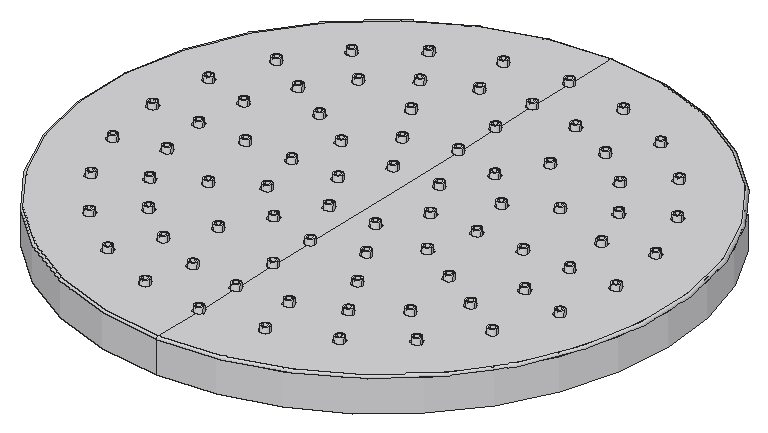
Revit family "Shower-Showerhead-KOHLER-Contemporary-K-99945T", category Plumbing Fixtures, host Face, Revit 2021
Family settings
  Host = Face
  Round Connector Dimension = Use Diameter
  Part Type = Normal
  OmniClass Number = 23.31.17.00
  OmniClass Title = Showers
  Cut with Voids When Loaded = No
  Shared = No
  Room Calculation Point = No
Parameters (values of type "Without Katalyst Air Induction Technology , CP-Polished Chrome")
  Width = 7 127/128"  # constant formula
  WaterSense Certified = 1 = 0  # no
  Waste Water Outlet = "Waste Water Outlet"  # constant formula
  Waste Connection = 1 = 0  # no
  Vent Connection = 1 = 0  # no
  URL = "http://www.kohler.com.cn/"
  Type = 1
  Tempered Water Inlet = "Tempered Water Inlet"  # constant formula
  Product Page URL = ""
  Product Name = "Contemporary"  # constant formula
  Product Documentation Link = "https://files.kohler.com.cn/pdfs/ri-99945T.pdf"
  Pressure = 0.00 psi
  Model = if(Type = 1, "K-99945T-CL-CP", if(Type = 2, "K-99945T-E-CP ", if(Type = 3, "K-99945T-CL-BL ", if(Type = 4, "K-99945T-CL-LBN ", "NA"))))  # "K-99945T-CL-CP"
  Material = "Brass Construction"  # constant formula
  Master Format 2014 Name = "Residential Showers"  # constant formula
  Master Format 2014 = "22 42 23"  # constant formula
  Manufacturer Address = "Kohler Beijing Office (100016) 36-2-03-B, No. 88, Liuxiang Road, Beijing"  # constant formula
  Manufacturer = "Kohler Co."  # constant formula
  Length = 7 127/128"  # constant formula
  Hot Water Inlet = "Hot Water Inlet"  # constant formula
  Height = 2 113/256"  # constant formula
  HW Connection = 1 = 1  # yes
  Flow Rate = 0 GPM
  Finish = Kohler-Metal-CP-Polished_Chrome
  Environmental Product Declaration = ""
  Drain Included = 1 = 0  # no
  Description = "8inch Round Rain Overhead - Plastic Modern"  # constant formula
  Default Elevation = 0"
  Declare Label = ""
  Date Modified = "01/10/2025"  # constant formula
  Date Created = "11/06/2020"  # constant formula
  Copyright = "Copyright Kohler Co."  # constant formula
  Contact Us = "http://www.kohler.com.cn/contact/contact-us/"
  Cold Water Inlet = "Cold Water Inlet"  # constant formula
  CW Connection = 1 = 0  # no
  Assembly Code = "D2010700"
  ADA Compliant = 1 = 0  # no
Reference planes (in)
  plane 1 "Center (Front/Back)": y = 0
  plane 2: z = 0
  plane 3 "Center (Left/Right)": x = 0
  plane 4: x = -3.99606
  plane 5: x = 3.99612
  plane 6: x = -0.47184
  plane 7: x = 0.47184
  plane 8: y = 3.99606
  plane 9: y = -3.99612
  plane 10: y = 0.47184
  plane 11: y = -0.47184
  plane 12: z = 2.44141
  plane 13: z = 2.37031
  plane 14: z = 1.88976
Dimensions and locks (in)
  "Width": plane 4 to plane 5
  "Length": plane 9 to plane 8
  "Height": plane 12 to level
  aligned and locked: plane 2 to host face
  aligned and locked: level to host face
  aligned and locked: plane 3 "Center (Left/Right)" to nested 1
  aligned and locked: plane 1 "Center (Front/Back)" to nested 1
  aligned and locked: level to nested 1
Automatic sketch dimensions
  host sketch curve to host sketch curve = 96"  (x2)
Nested families (in)
  nested 1: "K-99945T" at (0, 0, -0.15748), type "K-99945T"
Connectors (in)
  piping at (0, 0, 0), diameter 0.5, driven by "Flow Rate", driven by "HW Connection", driven by "Tempered Water Inlet"
    settings: on nested 1, index 1, connector inside diameter 24", connector length 0", flow factor 0, pipe flow 0 GPM, pressure drop 0.00 psi, fitting loss kfactor 0, connector angle 0.00°, fixture units 0, engagement length 0", angle of deflection 0.00°, flow configuration 0, flow direction 1, fitting loss method 0, system type 19, joint type 0, gender type 0, connector reference index -1, connector utility 1, adjustable connector no, is connector primary yes, connector description "Tempered Water Inlet"
Definition of nested family "K-99945T"
  Parameters (values of type "K-99945T")
    Material = none
    Default Elevation = 0"
  Reference planes (in)
    plane 1 "Center (Front/Back)": y = 0
    plane 2: z = 0
    plane 3 "Center (Left/Right)": x = 0
    plane 4: y = -3.99606
    plane 5: z = 2.59843
    plane 6: y = 3.99606
    plane 7: z = 2.52779
    plane 8: z = 2.04724
    plane 9: x = 3.99606
    plane 10: x = -3.99606
    plane 11: through (0, 0, 48) normal (-0.866, 0.5, 0)
    plane 12: z = 0.15748
    plane 13: y = 0.47184
    plane 14: y = -0.47184
    plane 15: x = 0.47184
    plane 16: x = -0.47184
  Forms (in)
    Revolve 1, solid, material <- "Material", detail levels medium+fine
      sketch origin (0, 0, 0) x (0, 1, 0) y (0, 0, 1)
        loop
          line (0.74853, 2.07109) -> (3.93783, 2.07109) -> (3.9604, 2.04853) -> (3.99606, 2.04853) -> (3.99606, 2.49681)
          arc (3.99606, 2.49681) -> (3.98699, 2.51871) -> (3.96509, 2.52779) r 0.03098
          line (3.96509, 2.52779) -> (0, 2.52779) -> (0, 0.15748) -> (0.47184, 0.15748) -> (0.47184, 0.93959)
          arc (0.47184, 0.93959) -> (0.46713, 0.955) -> (0.45461, 0.96514) r 0.02756
          line (0.45461, 0.96514) -> (0.37206, 0.99849)
          arc (0.37206, 0.99849) -> (0.35954, 1.00863) -> (0.35483, 1.02404) r 0.02756
          line (0.35483, 1.02404) -> (0.35483, 1.13407)
          arc (0.35483, 1.13407) -> (0.35783, 1.1499) -> (0.3664, 1.16354) r 0.04331
          arc (0.3664, 1.16354) -> (0.40404, 1.21029) -> (0.43472, 1.26188) r 0.42493
          line (0.43472, 1.26188) -> (0.47374, 1.26188) -> (0.5184, 1.26976) -> (0.65612, 1.26976)
          arc (0.65612, 1.26976) -> (0.68166, 1.27916) -> (0.695, 1.30288) r 0.03937
          arc (0.695, 1.30288) -> (0.73903, 1.68578) -> (0.74853, 2.07109) r 4.29216
        axis (0, 2.52779) -> (0, 0.15748)
      angle from 0 to 360
    Extrusion 2, void
      sketch origin (0, 0, 0) x (1, 0, 0) y (0, 1, 0)
        loop
          circle (0, 1.29826) r 0.07424
        loop
          circle (0, 1.95079) r 0.07424
        loop
          circle (-0.00142, 2.60042) r 0.07544
        loop
          circle (-0.00142, 3.24982) r 0.07544
        loop
          circle (0, -1.29826) r 0.07424
        loop
          circle (0, -1.95079) r 0.07424
        loop
          circle (-0.00142, -2.60042) r 0.07544
        loop
          circle (-0.00142, -3.24982) r 0.07544
        loop
          circle (1.12494, 0.64948) r 0.07559
        loop
          circle (1.68943, 0.97539) r 0.07559
        loop
          circle (2.25137, 1.29983) r 0.07561
        loop
          circle (2.81494, 1.62521) r 0.07559
        loop
          circle (-1.12494, 0.64948) r 0.07559
        loop
          circle (-1.68943, 0.97539) r 0.07559
        loop
          circle (-2.25137, 1.29983) r 0.07561
        loop
          circle (-2.81494, 1.62521) r 0.07559
        loop
          circle (-1.12494, -0.64948) r 0.07559
        loop
          circle (-1.68943, -0.97539) r 0.07559
        loop
          circle (-2.25137, -1.29983) r 0.07561
        loop
          circle (-2.81494, -1.62521) r 0.07559
        loop
          circle (1.12494, -0.64948) r 0.07559
        loop
          circle (1.68943, -0.97539) r 0.07559
        loop
          circle (2.25137, -1.29983) r 0.07561
        loop
          circle (2.81494, -1.62521) r 0.07559
        loop
          circle (-0.67348, 2.51348) r 0.07559
        loop
          circle (-0.84146, 3.14036) r 0.07559
        loop
          circle (0.67348, 2.51348) r 0.07559
        loop
          circle (0.84146, 3.14036) r 0.07559
        loop
          circle (0.67348, -2.51348) r 0.07559
        loop
          circle (0.84146, -3.14036) r 0.07559
        loop
          circle (-0.67348, -2.51348) r 0.07559
        loop
          circle (-0.84146, -3.14036) r 0.07559
        loop
          circle (-3.13885, 0.84105) r 0.07559
        loop
          circle (-2.51136, 0.67292) r 0.07524
        loop
          circle (3.13885, 0.84105) r 0.07559
        loop
          circle (2.51136, 0.67292) r 0.07524
        loop
          circle (3.13885, -0.84105) r 0.07559
        loop
          circle (2.51136, -0.67292) r 0.07524
        loop
          circle (-3.13885, -0.84105) r 0.07559
        loop
          circle (-2.51136, -0.67292) r 0.07524
        loop
          circle (-2.29764, 2.30001) r 0.07559
        loop
          circle (-1.83814, 1.83994) r 0.07559
        loop
          circle (2.29764, 2.30001) r 0.07559
        loop
          circle (1.83814, 1.83994) r 0.07559
        loop
          circle (2.29764, -2.30001) r 0.07559
        loop
          circle (1.83814, -1.83994) r 0.07559
        loop
          circle (-2.29764, -2.30001) r 0.07559
        loop
          circle (-1.83814, -1.83994) r 0.07559
        loop
          circle (1.62667, -2.81748) r 0.07447
        loop
          circle (1.30103, -2.25346) r 0.07447
        loop
          circle (0.97539, -1.68943) r 0.07447
        loop
          circle (0.64975, -1.12541) r 0.07447
        loop
          circle (0.32606, -0.56213) r 0.07559
        loop
          circle (-1.62667, -2.81748) r 0.07447
        loop
          circle (-1.30103, -2.25346) r 0.07447
        loop
          circle (-0.97539, -1.68943) r 0.07447
        loop
          circle (-0.64975, -1.12541) r 0.07447
        loop
          circle (-0.32606, -0.56213) r 0.07559
        loop
          circle (-1.62667, 2.81748) r 0.07447
        loop
          circle (-1.30103, 2.25346) r 0.07447
        loop
          circle (-0.97539, 1.68943) r 0.07447
        loop
          circle (-0.64975, 1.12541) r 0.07447
        loop
          circle (-0.32606, 0.56213) r 0.07559
        loop
          circle (1.62667, 2.81748) r 0.07447
        loop
          circle (1.30103, 2.25346) r 0.07447
        loop
          circle (0.97539, 1.68943) r 0.07447
        loop
          circle (0.64975, 1.12541) r 0.07447
        loop
          circle (0.32606, 0.56213) r 0.07559
        loop
          circle (0.64823, 0) r 0.07559
        loop
          circle (1.29951, 0) r 0.07559
        loop
          circle (1.9491, 0) r 0.07559
        loop
          circle (2.60193, 0) r 0.07559
        loop
          circle (3.25193, 0) r 0.07559
        loop
          circle (-0.64823, 0) r 0.07559
        loop
          circle (-1.29951, 0) r 0.07559
        loop
          circle (-1.9491, 0) r 0.07559
        loop
          circle (-2.60193, 0) r 0.07559
        loop
          circle (-3.25193, 0) r 0.07559
      from 2.23033 to 4.27742
    Extrusion 3, solid, detail levels medium+fine
      sketch origin (0, 0, 0) x (1, 0, 0) y (0, 1, 0)
        loop
          circle (0.64975, 1.12541) r 0.05906
        loop
          circle (0.64975, 1.12541) r 0.03937
        loop
          circle (0.32606, 0.56213) r 0.05906
        loop
          circle (0.32606, 0.56213) r 0.03937
        loop
          circle (1.62667, 2.81748) r 0.05906
        loop
          circle (1.62667, 2.81748) r 0.03937
        loop
          circle (1.30103, 2.25346) r 0.05906
        loop
          circle (1.30103, 2.25346) r 0.03937
        loop
          circle (0.97539, 1.68943) r 0.03937
        loop
          circle (0.97539, 1.68943) r 0.05906
        loop
          circle (-0.64975, 1.12541) r 0.05906
        loop
          circle (-0.64975, 1.12541) r 0.03937
        loop
          circle (-0.32606, 0.56213) r 0.05906
        loop
          circle (-0.32606, 0.56213) r 0.03937
        loop
          circle (-1.62667, 2.81748) r 0.05906
        loop
          circle (-1.62667, 2.81748) r 0.03937
        loop
          circle (-1.30103, 2.25346) r 0.05906
        loop
          circle (-1.30103, 2.25346) r 0.03937
        loop
          circle (-0.97539, 1.68943) r 0.03937
        loop
          circle (-0.97539, 1.68943) r 0.05906
        loop
          circle (-0.64975, -1.12541) r 0.05906
        loop
          circle (-0.64975, -1.12541) r 0.03937
        loop
          circle (-0.32606, -0.56213) r 0.05906
        loop
          circle (-0.32606, -0.56213) r 0.03937
        loop
          circle (-1.62667, -2.81748) r 0.05906
        loop
          circle (-1.62667, -2.81748) r 0.03937
        loop
          circle (-1.30103, -2.25346) r 0.05906
        loop
          circle (-1.30103, -2.25346) r 0.03937
        loop
          circle (-0.97539, -1.68943) r 0.03937
        loop
          circle (-0.97539, -1.68943) r 0.05906
        loop
          circle (0.64975, -1.12541) r 0.05906
        loop
          circle (0.64975, -1.12541) r 0.03937
        loop
          circle (0.32606, -0.56213) r 0.05906
        loop
          circle (0.32606, -0.56213) r 0.03937
        loop
          circle (1.62667, -2.81748) r 0.05906
        loop
          circle (1.62667, -2.81748) r 0.03937
        loop
          circle (1.30103, -2.25346) r 0.05906
        loop
          circle (1.30103, -2.25346) r 0.03937
        loop
          circle (0.97539, -1.68943) r 0.03937
        loop
          circle (0.97539, -1.68943) r 0.05906
        loop
          circle (0.84146, 3.14036) r 0.03937
        loop
          circle (0.84146, 3.14036) r 0.05906
        loop
          circle (0.67348, 2.51348) r 0.03937
        loop
          circle (0.67348, 2.51348) r 0.05906
        loop
          circle (2.29764, 2.30001) r 0.03937
        loop
          circle (2.29764, 2.30001) r 0.05906
        loop
          circle (1.83814, 1.83994) r 0.03937
        loop
          circle (1.83814, 1.83994) r 0.05906
        loop
          circle (3.13885, 0.84105) r 0.03937
        loop
          circle (3.13885, 0.84105) r 0.05906
        loop
          circle (2.51136, 0.67292) r 0.03937
        loop
          circle (2.51136, 0.67292) r 0.05906
        loop
          circle (-0.00142, 3.24982) r 0.05906
        loop
          circle (-0.00142, 3.24982) r 0.03937
        loop
          circle (-0.00142, 2.60042) r 0.05906
        loop
          circle (-0.00142, 2.60042) r 0.03937
        loop
          circle (0, 1.95079) r 0.03937
        loop
          circle (0, 1.95079) r 0.05906
        loop
          circle (0, 1.29826) r 0.05906
        loop
          circle (0, 1.29826) r 0.03937
        loop
          circle (0.84146, -3.14036) r 0.03937
        loop
          circle (0.84146, -3.14036) r 0.05906
        loop
          circle (0.67348, -2.51348) r 0.03937
        loop
          circle (0.67348, -2.51348) r 0.05906
        loop
          circle (2.29764, -2.30001) r 0.03937
        loop
          circle (2.29764, -2.30001) r 0.05906
        loop
          circle (1.83814, -1.83994) r 0.03937
        loop
          circle (1.83814, -1.83994) r 0.05906
        loop
          circle (3.13885, -0.84105) r 0.03937
        loop
          circle (3.13885, -0.84105) r 0.05906
        loop
          circle (2.51136, -0.67292) r 0.03937
        loop
          circle (2.51136, -0.67292) r 0.05906
        loop
          circle (-0.84146, -3.14036) r 0.03937
        loop
          circle (-0.84146, -3.14036) r 0.05906
        loop
          circle (-0.67348, -2.51348) r 0.03937
        loop
          circle (-0.67348, -2.51348) r 0.05906
        loop
          circle (-2.29764, -2.30001) r 0.03937
        loop
          circle (-2.29764, -2.30001) r 0.05906
        loop
          circle (-1.83814, -1.83994) r 0.03937
        loop
          circle (-1.83814, -1.83994) r 0.05906
        loop
          circle (-3.13885, -0.84105) r 0.03937
        loop
          circle (-3.13885, -0.84105) r 0.05906
        loop
          circle (-2.51136, -0.67292) r 0.03937
        loop
          circle (-2.51136, -0.67292) r 0.05906
        loop
          circle (-0.84146, 3.14036) r 0.03937
        loop
          circle (-0.84146, 3.14036) r 0.05906
        loop
          circle (-0.67348, 2.51348) r 0.03937
        loop
          circle (-0.67348, 2.51348) r 0.05906
        loop
          circle (-2.29764, 2.30001) r 0.03937
        loop
          circle (-2.29764, 2.30001) r 0.05906
        loop
          circle (-1.83814, 1.83994) r 0.03937
        loop
          circle (-1.83814, 1.83994) r 0.05906
        loop
          circle (-3.13885, 0.84105) r 0.03937
        loop
          circle (-3.13885, 0.84105) r 0.05906
        loop
          circle (-2.51136, 0.67292) r 0.03937
        loop
          circle (-2.51136, 0.67292) r 0.05906
        loop
          circle (-0.00142, -3.24982) r 0.05906
        loop
          circle (-0.00142, -3.24982) r 0.03937
        loop
          circle (-0.00142, -2.60042) r 0.05906
        loop
          circle (-0.00142, -2.60042) r 0.03937
        loop
          circle (0, -1.95079) r 0.03937
        loop
          circle (0, -1.95079) r 0.05906
        loop
          circle (0, -1.29826) r 0.05906
        loop
          circle (0, -1.29826) r 0.03937
        loop
          circle (-2.81494, 1.62521) r 0.03937
        loop
          circle (-2.25137, 1.29983) r 0.03937
        loop
          circle (-2.81494, 1.62521) r 0.05906
        loop
          circle (-2.25137, 1.29983) r 0.05906
        loop
          circle (-1.68943, 0.97539) r 0.03937
        loop
          circle (-1.68943, 0.97539) r 0.05906
        loop
          circle (-1.12494, 0.64948) r 0.03937
        loop
          circle (-1.12494, 0.64948) r 0.05906
        loop
          circle (2.81494, 1.62521) r 0.03937
        loop
          circle (2.25137, 1.29983) r 0.03937
        loop
          circle (2.81494, 1.62521) r 0.05906
        loop
          circle (2.25137, 1.29983) r 0.05906
        loop
          circle (1.68943, 0.97539) r 0.03937
        loop
          circle (1.68943, 0.97539) r 0.05906
        loop
          circle (1.12494, 0.64948) r 0.03937
        loop
          circle (1.12494, 0.64948) r 0.05906
        loop
          circle (2.81494, -1.62521) r 0.03937
        loop
          circle (2.25137, -1.29983) r 0.03937
        loop
          circle (2.81494, -1.62521) r 0.05906
        loop
          circle (2.25137, -1.29983) r 0.05906
        loop
          circle (1.68943, -0.97539) r 0.03937
        loop
          circle (1.68943, -0.97539) r 0.05906
        loop
          circle (1.12494, -0.64948) r 0.03937
        loop
          circle (1.12494, -0.64948) r 0.05906
        loop
          circle (-2.81494, -1.62521) r 0.03937
        loop
          circle (-2.25137, -1.29983) r 0.03937
        loop
          circle (-2.81494, -1.62521) r 0.05906
        loop
          circle (-2.25137, -1.29983) r 0.05906
        loop
          circle (-1.68943, -0.97539) r 0.03937
        loop
          circle (-1.68943, -0.97539) r 0.05906
        loop
          circle (-1.12494, -0.64948) r 0.03937
        loop
          circle (-1.12494, -0.64948) r 0.05906
        loop
          circle (0.64823, 0) r 0.05906
        loop
          circle (0.64823, 0) r 0.03937
        loop
          circle (-0.64823, 0) r 0.05906
        loop
          circle (-0.64823, 0) r 0.03937
        loop
          circle (-3.25193, 0) r 0.05906
        loop
          circle (-3.25193, 0) r 0.03937
        loop
          circle (-2.60193, 0) r 0.05906
        loop
          circle (-2.60193, 0) r 0.03937
        loop
          circle (-1.9491, 0) r 0.05906
        loop
          circle (-1.9491, 0) r 0.03937
        loop
          circle (-1.29951, 0) r 0.03937
        loop
          circle (-1.29951, 0) r 0.05906
        loop
          circle (3.25193, 0) r 0.05906
        loop
          circle (3.25193, 0) r 0.03937
        loop
          circle (2.60193, 0) r 0.05906
        loop
          circle (2.60193, 0) r 0.03937
        loop
          circle (1.9491, 0) r 0.05906
        loop
          circle (1.9491, 0) r 0.03937
        loop
          circle (1.29951, 0) r 0.03937
        loop
          circle (1.29951, 0) r 0.05906
      from 2.23834 to 2.59843
    Extrusion 4, void
      sketch origin (0, 0, 0) x (0, 1, 0) y (0, 0, 1)
        loop
          line (-0.43308, 1.02501) -> (-0.62993, 1.02501) -> (-0.62993, 0.47244) -> (-0.43308, 0.47244) -> (-0.43308, 1.02501)
        loop
          line (0.43306, 0.47244) -> (0.62993, 0.47244) -> (0.62993, 1.02501) -> (0.43306, 1.02501) -> (0.43306, 0.47244)
      from -0.80178 to 1.22875
    Extrusion 5, solid, material <- "Material", detail levels medium+fine
      sketch origin (0, 0, 0) x (1, 0, 0) y (0, 1, 0)
        loop
          circle (0, 0) r 0.27559
      from 0.15748 to 0.25773
    Revolve 6, solid, material <- "Material", detail levels coarse
      sketch origin (0, 0, 0) x (0, 1, 0) y (0, 0, 1)
        loop
          line (0, 2.59843) -> (0, 0.15748) -> (0.5184, 0.15748) -> (0.5184, 1.01439) -> (0.45196, 1.01439) -> (0.45196, 1.25984) -> (0.74895, 1.25984) -> (0.74895, 2.04724) -> (3.99606, 2.04724) -> (3.99606, 2.59843) -> (0, 2.59843)
        axis (0, 2.59843) -> (0, 0.15748)
      angle from 0 to 360
  Cuts and joins
    Extrusion 2, Extrusion 4 cuts Revolve 1
  Lines and regions (in)
    Masking region 1
      outline origin (0, 0, 0) x (1, 0, 0) y (0, 0, 1)
        loop
          line (3.99606, 2.04724) -> (3.99606, 2.49681)
          arc (3.99606, 2.49681) -> (3.98699, 2.51871) -> (3.96509, 2.52779) r 0.03098
          line (3.96509, 2.52779) -> (3.31099, 2.52779) -> (3.31099, 2.59843) -> (3.0798, 2.59843) -> (3.0798, 2.52779) -> (2.874, 2.52779) -> (2.874, 2.59843) -> (2.75588, 2.59843) -> (2.75588, 2.52779) -> (2.66099, 2.52779) -> (2.66099, 2.59843) -> (2.4523, 2.59843) -> (2.4523, 2.52779) -> (2.3567, 2.52779) -> (2.3567, 2.59843) -> (2.19231, 2.59843) -> (2.19231, 2.52779) -> (2.00815, 2.52779) -> (2.00815, 2.59843) -> (1.77908, 2.59843) -> (1.77908, 2.52779) -> (1.74849, 2.53318) -> (1.74849, 2.59843) -> (1.56762, 2.59843) -> (1.56762, 2.52779) -> (1.36009, 2.52779) -> (1.36009, 2.59843) -> (1.24045, 2.59843) -> (1.24045, 2.52779) -> (1.18399, 2.52779) -> (1.18399, 2.59843) -> (1.06588, 2.59843) -> (1.06588, 2.52779) -> (1.03445, 2.52779) -> (1.03445, 2.59843) -> (0.91634, 2.59843) -> (0.91634, 2.52419) -> (0.90051, 2.55161) -> (0.90051, 2.59843) -> (0.7824, 2.59843) -> (0.7824, 2.52779) -> (0.73254, 2.52779) -> (0.73254, 2.59843) -> (0.58917, 2.59843) -> (0.58917, 2.52779) -> (0.38512, 2.52779) -> (0.38512, 2.59843) -> (0.26701, 2.59843) -> (0.26701, 2.52779) -> (0.05906, 2.52779) -> (0.05906, 2.59843) -> (0, 2.59843) -> (-0.05906, 2.59843) -> (-0.05906, 2.52779) -> (-0.26701, 2.52779) -> (-0.26701, 2.59843) -> (-0.38512, 2.59843) -> (-0.38512, 2.52779) -> (-0.58917, 2.52779) -> (-0.58917, 2.59843) -> (-0.73254, 2.59843) -> (-0.73254, 2.52779) -> (-0.7824, 2.52779) -> (-0.7824, 2.59843) -> (-0.90051, 2.59843) -> (-0.90051, 2.55161) -> (-0.91634, 2.52419) -> (-0.91634, 2.59843) -> (-1.03445, 2.59843) -> (-1.03445, 2.52779) -> (-1.06588, 2.52779) -> (-1.06588, 2.59843) -> (-1.18399, 2.59843) -> (-1.18399, 2.52779) -> (-1.24045, 2.52779) -> (-1.24045, 2.59843) -> (-1.36009, 2.59843) -> (-1.36009, 2.52779) -> (-1.56762, 2.52779) -> (-1.56762, 2.59843) -> (-1.74849, 2.59843) -> (-1.74849, 2.53318) -> (-1.77908, 2.52779) -> (-1.77908, 2.59843) -> (-2.00815, 2.59843) -> (-2.00815, 2.52779) -> (-2.19231, 2.52779) -> (-2.19231, 2.59843) -> (-2.3567, 2.59843) -> (-2.3567, 2.52779) -> (-2.4523, 2.52779) -> (-2.4523, 2.59843) -> (-2.66099, 2.59843) -> (-2.66099, 2.52779) -> (-2.75588, 2.52779) -> (-2.75588, 2.59843) -> (-2.874, 2.59843) -> (-2.874, 2.52779) -> (-3.0798, 2.52779) -> (-3.0798, 2.59843) -> (-3.31099, 2.59843) -> (-3.31099, 2.52779) -> (-3.96509, 2.52779)
          arc (-3.96509, 2.52779) -> (-3.98699, 2.51871) -> (-3.99606, 2.49681) r 0.03098
          line (-3.99606, 2.49681) -> (-3.99606, 2.04724) -> (-0.75244, 2.04724)
          arc (-0.75244, 2.04724) -> (-0.742, 1.6738) -> (-0.69832, 1.30278) r 4.18604
          arc (-0.69832, 1.30278) -> (-0.68496, 1.27913) -> (-0.65946, 1.26976) r 0.03937
          line (-0.65946, 1.26976) -> (-0.5184, 1.26976) -> (-0.47374, 1.26188) -> (-0.43472, 1.26188)
          arc (-0.43472, 1.26188) -> (-0.4051, 1.20819) -> (-0.36707, 1.16009) r 0.37241
          arc (-0.36707, 1.16009) -> (-0.35842, 1.14642) -> (-0.3554, 1.13053) r 0.04331
          line (-0.3554, 1.13053) -> (-0.3554, 1.02414)
          arc (-0.3554, 1.02414) -> (-0.36011, 1.00873) -> (-0.37264, 0.99859) r 0.02756
          line (-0.37264, 0.99859) -> (-0.45461, 0.96547)
          arc (-0.45461, 0.96547) -> (-0.46713, 0.95533) -> (-0.47184, 0.93992) r 0.02756
          line (-0.47184, 0.93992) -> (-0.47184, 0.15748) -> (0.47184, 0.15748) -> (0.47184, 0.93992)
          arc (0.47184, 0.93992) -> (0.46713, 0.95533) -> (0.45461, 0.96547) r 0.02756
          line (0.45461, 0.96547) -> (0.37264, 0.99859)
          arc (0.37264, 0.99859) -> (0.36011, 1.00873) -> (0.3554, 1.02414) r 0.02756
          line (0.3554, 1.02414) -> (0.3554, 1.13053)
          arc (0.3554, 1.13053) -> (0.35842, 1.14642) -> (0.36707, 1.16009) r 0.04331
          arc (0.36707, 1.16009) -> (0.4051, 1.20819) -> (0.43472, 1.26188) r 0.37241
          line (0.43472, 1.26188) -> (0.47374, 1.26188) -> (0.5184, 1.26976) -> (0.65946, 1.26976)
          arc (0.65946, 1.26976) -> (0.68496, 1.27913) -> (0.69832, 1.30278) r 0.03937
          arc (0.69832, 1.30278) -> (0.742, 1.6738) -> (0.75244, 2.04724) r 4.18604
          line (0.75244, 2.04724) -> (3.99606, 2.04724)
    Masking region 2
      outline origin (0, 0, 0) x (0, 1, 0) y (0, 0, 1)
        loop
          line (-3.99606, 2.04724) -> (-0.74895, 2.04724)
          arc (-0.74895, 2.04724) -> (-0.73818, 1.67389) -> (-0.695, 1.30288) r 4.29216
          arc (-0.695, 1.30288) -> (-0.68166, 1.27916) -> (-0.65612, 1.26976) r 0.03937
          line (-0.65612, 1.26976) -> (-0.5184, 1.26976) -> (-0.47374, 1.26188) -> (-0.43472, 1.26188)
          arc (-0.43472, 1.26188) -> (-0.40404, 1.21029) -> (-0.3664, 1.16354) r 0.42493
          arc (-0.3664, 1.16354) -> (-0.35783, 1.1499) -> (-0.35483, 1.13407) r 0.04331
          line (-0.35483, 1.13407) -> (-0.35483, 1.02404)
          arc (-0.35483, 1.02404) -> (-0.35954, 1.00863) -> (-0.37206, 0.99849) r 0.02756
          line (-0.37206, 0.99849) -> (-0.43308, 0.97384) -> (-0.43308, 0.47244) -> (-0.47184, 0.47244) -> (-0.47184, 0.15748) -> (0, 0.15748) -> (0.47184, 0.15748) -> (0.47184, 0.47244) -> (0.43306, 0.47244) -> (0.43306, 0.97384) -> (0.37206, 0.99849)
          arc (0.37206, 0.99849) -> (0.35954, 1.00863) -> (0.35483, 1.02404) r 0.02756
          line (0.35483, 1.02404) -> (0.35483, 1.13407)
          arc (0.35483, 1.13407) -> (0.35783, 1.1499) -> (0.3664, 1.16354) r 0.04331
          arc (0.3664, 1.16354) -> (0.40404, 1.21029) -> (0.43472, 1.26188) r 0.42493
          line (0.43472, 1.26188) -> (0.47374, 1.26188) -> (0.5184, 1.26976) -> (0.65612, 1.26976)
          arc (0.65612, 1.26976) -> (0.68166, 1.27916) -> (0.695, 1.30288) r 0.03937
          arc (0.695, 1.30288) -> (0.73818, 1.67389) -> (0.74895, 2.04724) r 4.29216
          line (0.74895, 2.04724) -> (3.99606, 2.04724) -> (3.99606, 2.49681)
          arc (3.99606, 2.49681) -> (3.98699, 2.51871) -> (3.96509, 2.52779) r 0.03098
          line (3.96509, 2.52779) -> (3.30928, 2.52779) -> (3.30928, 2.59843) -> (3.08141, 2.59843) -> (3.08141, 2.52779) -> (2.87721, 2.52779) -> (2.87721, 2.59843) -> (2.75818, 2.59843) -> (2.75818, 2.52779) -> (2.66099, 2.52779) -> (2.66099, 2.59843) -> (2.45386, 2.59843) -> (2.45386, 2.52779) -> (2.35932, 2.52779) -> (2.35932, 2.59843) -> (2.19383, 2.59843) -> (2.19383, 2.52779) -> (2.01004, 2.52779) -> (2.01004, 2.59843) -> (1.78077, 2.59843) -> (1.78077, 2.52749) -> (1.74849, 2.53318) -> (1.74849, 2.59843) -> (1.56581, 2.59843) -> (1.56581, 2.52779) -> (1.3591, 2.52779) -> (1.3591, 2.59843) -> (1.23908, 2.59843) -> (1.23908, 2.52779) -> (1.18459, 2.52779) -> (1.18459, 2.59843) -> (1.0663, 2.59843) -> (1.0663, 2.52779) -> (1.03445, 2.52779) -> (1.03445, 2.59843) -> (0.91634, 2.59843) -> (0.91634, 2.52779) -> (0.90014, 2.55474) -> (0.90014, 2.59843) -> (0.7824, 2.59843) -> (0.7824, 2.52779) -> (0.73254, 2.52779) -> (0.73254, 2.59843) -> (0.50273, 2.59843) -> (0.50273, 2.52779) -> (0.05906, 2.52779) -> (0.05906, 2.59843) -> (0, 2.59843) -> (-0.05906, 2.59843) -> (-0.05906, 2.52779) -> (-0.5028, 2.52779) -> (-0.5028, 2.59843) -> (-0.73215, 2.59843) -> (-0.73215, 2.52779) -> (-0.78195, 2.52779) -> (-0.78195, 2.59843) -> (-0.90022, 2.59843) -> (-0.90022, 2.55462) -> (-0.91634, 2.52779) -> (-0.91634, 2.59843) -> (-1.03445, 2.59843) -> (-1.03445, 2.52779) -> (-1.06588, 2.52779) -> (-1.06588, 2.59843) -> (-1.18469, 2.59843) -> (-1.18469, 2.52779) -> (-1.23877, 2.52779) -> (-1.23877, 2.59843) -> (-1.35895, 2.59843) -> (-1.35895, 2.52779) -> (-1.56762, 2.52779) -> (-1.56762, 2.59843) -> (-1.74849, 2.59843) -> (-1.74849, 2.53318) -> (-1.78056, 2.52753) -> (-1.78056, 2.59843) -> (-2.00997, 2.59843) -> (-2.00997, 2.52779) -> (-2.19457, 2.52779) -> (-2.19457, 2.59843) -> (-2.35918, 2.59843) -> (-2.35918, 2.52779) -> (-2.45423, 2.52779) -> (-2.45423, 2.59843) -> (-2.6596, 2.59843) -> (-2.6596, 2.52779) -> (-2.75813, 2.52779) -> (-2.75813, 2.59843) -> (-2.87685, 2.59843) -> (-2.87685, 2.52779) -> (-3.08072, 2.52779) -> (-3.08072, 2.59843) -> (-3.3091, 2.59843) -> (-3.3091, 2.52779) -> (-3.96509, 2.52779)
          arc (-3.96509, 2.52779) -> (-3.98699, 2.51871) -> (-3.99606, 2.49681) r 0.03098
          line (-3.99606, 2.49681) -> (-3.99606, 2.04724)
    Masking region 3
      outline origin (0, 0, 0) x (1, 0, 0) y (0, 1, 0)
        loop
          circle (0, 0) r 3.99606
    symbolic lines, detail levels medium+fine
      curve 1: line (-3.31099, 0, 2.52779) -> (-3.0798, 0, 2.52779)
      curve 2: line (-2.874, 0, 2.52779) -> (-2.75588, 0, 2.52779)
      curve 3: line (-2.75588, 0, 2.52779) -> (-2.66099, 0, 2.52779)
      curve 4: line (-2.66099, 0, 2.52779) -> (-2.4523, 0, 2.52779)
      curve 5: line (-2.3567, 0, 2.52779) -> (-2.19231, 0, 2.52779)
      curve 6: line (-2.00815, 0, 2.52779) -> (-1.77908, 0, 2.52779)
      curve 7: line (-1.77908, 0, 2.52779) -> (-1.56762, 0, 2.52779)
      curve 8: line (-1.24045, 0, 2.52779) -> (-1.36009, 0, 2.52779)
      curve 9: line (-1.18399, 0, 2.52779) -> (-1.06588, 0, 2.52779)
      curve 10: line (-1.03445, 0, 2.52779) -> (-0.7824, 0, 2.52779)
      curve 11: line (-0.58917, 0, 2.52779) -> (-0.73254, 0, 2.52779)
      curve 12: line (-0.38512, 0, 2.52779) -> (-0.26701, 0, 2.52779)
      curve 13: line (-0.05906, 0, 2.52779) -> (0.05906, 0, 2.52779)
      curve 14: line (0.26701, 0, 2.52779) -> (0.38512, 0, 2.52779)
      curve 15: line (0.58917, 0, 2.52779) -> (0.73254, 0, 2.52779)
      curve 16: line (0.7824, 0, 2.52779) -> (1.03445, 0, 2.52779)
      curve 17: line (1.06588, 0, 2.52779) -> (1.18399, 0, 2.52779)
      curve 18: line (1.24045, 0, 2.52779) -> (1.36009, 0, 2.52779)
      curve 19: line (1.56762, 0, 2.52779) -> (2.00815, 0, 2.52779)
      curve 20: line (2.19231, 0, 2.52779) -> (2.3567, 0, 2.52779)
      curve 21: line (2.4523, 0, 2.52779) -> (2.66099, 0, 2.52779)
      curve 22: line (2.75588, 0, 2.52779) -> (2.874, 0, 2.52779)
      curve 23: line (3.0798, 0, 2.52779) -> (3.31099, 0, 2.52779)
      curve 24: line (-3.19791, 0, 2.59843) -> (-3.19791, 0, 2.52779)
      curve 25: line (-2.56256, 0, 2.59843) -> (-2.56256, 0, 2.52779)
      curve 26: line (-2.25827, 0, 2.59843) -> (-2.25827, 0, 2.52779)
      curve 27: line (-1.89004, 0, 2.59843) -> (-1.89004, 0, 2.52779)
      curve 28: line (-1.66604, 0, 2.59843) -> (-1.66604, 0, 2.52779)
      curve 29: line (-0.63411, 0, 2.59843) -> (-0.63411, 0, 2.52779)
      curve 30: line (1.68573, 0, 2.59843) -> (1.68573, 0, 2.52779)
      curve 31: line (1.89004, 0, 2.59843) -> (1.89004, 0, 2.52779)
      curve 32: line (2.25827, 0, 2.59843) -> (2.25827, 0, 2.52779)
      curve 33: line (2.55073, 0, 2.59843) -> (2.55073, 0, 2.52779)
      curve 34: line (3.19288, 0, 2.59843) -> (3.19288, 0, 2.52779)
      curve 35: line (0, -3.08072, 2.52779) -> (0, -3.3091, 2.52779)
      curve 36: line (0, -3.19941, 2.59843) -> (0, -3.19941, 2.52779)
      curve 37: line (0, -2.75813, 2.52779) -> (0, -2.88198, 2.52779)
      curve 38: line (0, -2.6596, 2.52779) -> (0, -2.45423, 2.52779)
      curve 39: line (0, -2.57253, 2.59843) -> (0, -2.57253, 2.52779)
      curve 40: line (0, -2.26064, 2.59843) -> (0, -2.26064, 2.52779)
      curve 41: line (0, -2.19457, 2.52779) -> (0, -2.35918, 2.52779)
      curve 42: line (0, -1.89899, 2.59843) -> (0, -1.89899, 2.52779)
      curve 43: line (0, -1.66458, 2.59843) -> (0, -1.66458, 2.52779)
      curve 44: line (0, -1.56762, 2.52779) -> (0, -2.00997, 2.52779)
      curve 45: line (0, -0.78195, 2.52779) -> (0, -1.03445, 2.52779)
      curve 46: line (0, -1.06092, 2.52779) -> (0, -1.18469, 2.52779)
      curve 47: line (0, -1.23877, 2.52779) -> (0, -1.35895, 2.52779)
      curve 48: line (0, -0.5028, 2.52779) -> (0, -0.73215, 2.52779)
      curve 49: line (0, -0.61011, 2.59843) -> (0, -0.61011, 2.52779)
      curve 50: line (0, -0.6015, 2.59843) -> (0, -0.6015, 2.52779)
      curve 51: line (0, 0.05906, 2.52779) -> (0, -0.05906, 2.52779)
      curve 52: line (0, 0.73254, 2.52779) -> (0, 0.50273, 2.52779)
      curve 53: line (0, 0.61011, 2.59843) -> (0, 0.61011, 2.52779)
      curve 54: line (0, 0.62119, 2.59843) -> (0, 0.62119, 2.52779)
      curve 55: line (0, 0.7824, 2.52779) -> (0, 1.03445, 2.52779)
      curve 56: line (0, 1.3591, 2.52779) -> (0, 1.23908, 2.52779)
      curve 57: line (0, 1.18459, 2.52779) -> (0, 1.0663, 2.52779)
      curve 58: line (0, 3.30928, 2.52779) -> (0, 3.08141, 2.52779)
      curve 59: line (0, 3.19076, 2.59843) -> (0, 3.19076, 2.52779)
      curve 60: line (0, 2.87721, 2.52779) -> (0, 2.75299, 2.52779)
      curve 61: line (0, 2.55285, 2.59843) -> (0, 2.55285, 2.52779)
      curve 62: line (0, 2.66099, 2.52779) -> (0, 2.45386, 2.52779)
      curve 63: line (0, 2.26064, 2.59843) -> (0, 2.26064, 2.52779)
      curve 64: line (0, 2.35932, 2.52779) -> (0, 2.19383, 2.52779)
      curve 65: line (0, 2.01004, 2.52779) -> (0, 1.56581, 2.52779)
      curve 66: line (0, 1.89173, 2.59843) -> (0, 1.89173, 2.52779)
      curve 67: line (0, 1.66458, 2.59843) -> (0, 1.66458, 2.52779)
      curve 68: arc (0.07402, 3.24982, 0) -> (-0.00142, 3.32526, 0) -> (-0.07686, 3.24982, 0) r 0.07544
      curve 69: arc (-0.07686, 3.24982, 0) -> (-0.00142, 3.17438, 0) -> (0.07402, 3.24982, 0) r 0.07544
      curve 70: arc (-0.04079, 3.24982, 0) -> (-0.00142, 3.28919, 0) -> (0.03795, 3.24982, 0) r 0.03937
      curve 71: arc (0.03795, 3.24982, 0) -> (-0.00142, 3.21045, 0) -> (-0.04079, 3.24982, 0) r 0.03937
      curve 72: arc (-0.06047, 3.24982, 0) -> (-0.00142, 3.19076, 0) -> (0.05764, 3.24982, 0) r 0.05906
      curve 73: arc (0.05764, 3.24982, 0) -> (-0.00142, 3.30887, 0) -> (-0.06047, 3.24982, 0) r 0.05906
      curve 74: arc (-0.06047, 2.60042, 0) -> (-0.00142, 2.54136, 0) -> (0.05764, 2.60042, 0) r 0.05906
      curve 75: arc (-0.04079, 2.60042, 0) -> (-0.00142, 2.63979, 0) -> (0.03795, 2.60042, 0) r 0.03937
      curve 76: arc (0.03795, 2.60042, 0) -> (-0.00142, 2.56105, 0) -> (-0.04079, 2.60042, 0) r 0.03937
      curve 77: arc (0.05764, 2.60042, 0) -> (-0.00142, 2.65947, 0) -> (-0.06047, 2.60042, 0) r 0.05906
      curve 78: arc (0.07402, 2.60042, 0) -> (-0.00142, 2.67586, 0) -> (-0.07686, 2.60042, 0) r 0.07544
      curve 79: arc (-0.07686, 2.60042, 0) -> (-0.00142, 2.52498, 0) -> (0.07402, 2.60042, 0) r 0.07544
      curve 80: arc (-0.07424, 1.95079, 0) -> (0, 1.87655, 0) -> (0.07424, 1.95079, 0) r 0.07424
      curve 81: arc (-0.05906, 1.95079, 0) -> (0, 1.89173, 0) -> (0.05906, 1.95079, 0) r 0.05906
      curve 82: arc (0.03937, 1.95079, 0) -> (0, 1.91142, 0) -> (-0.03937, 1.95079, 0) r 0.03937
      curve 83: arc (-0.03937, 1.95079, 0) -> (0, 1.99016, 0) -> (0.03937, 1.95079, 0) r 0.03937
      curve 84: arc (0.05906, 1.95079, 0) -> (0, 2.00984, 0) -> (-0.05906, 1.95079, 0) r 0.05906
      curve 85: arc (0.07424, 1.95079, 0) -> (0, 2.02503, 0) -> (-0.07424, 1.95079, 0) r 0.07424
      curve 86: arc (-0.07424, 1.29826, 0) -> (0, 1.22402, 0) -> (0.07424, 1.29826, 0) r 0.07424
      curve 87: arc (-0.05906, 1.29826, 0) -> (0, 1.2392, 0) -> (0.05906, 1.29826, 0) r 0.05906
      curve 88: arc (0.05906, 1.29826, 0) -> (0, 1.2392, 0) -> (-0.05906, 1.29826, 0) r 0.05906
      curve 89: arc (-0.05906, 1.29826, 0) -> (0, 1.35731, 0) -> (0.05906, 1.29826, 0) r 0.05906
      curve 90: arc (0.07424, 1.29826, 0) -> (0, 1.3725, 0) -> (-0.07424, 1.29826, 0) r 0.07424
      curve 91: arc (-0.05906, 1.29826, 0) -> (0, 1.2392, 0) -> (0.05906, 1.29826, 0) r 0.05906
      curve 92: arc (-0.03937, 1.29826, 0) -> (0.01445, 1.33488, 0) -> (0.02877, 1.27138, 0) r 0.03937
      curve 93: arc (0.03937, 1.29826, 0) -> (0, 1.25889, 0) -> (-0.03937, 1.29826, 0) r 0.03937
      curve 94: arc (0.07402, -3.24982, 0) -> (-0.00142, -3.32526, 0) -> (-0.07686, -3.24982, 0) r 0.07544
      curve 95: arc (-0.07686, -3.24982, 0) -> (-0.00142, -3.17438, 0) -> (0.07402, -3.24982, 0) r 0.07544
      curve 96: arc (-0.04079, -3.24982, 0) -> (-0.00142, -3.28919, 0) -> (0.03795, -3.24982, 0) r 0.03937
      curve 97: arc (0.03795, -3.24982, 0) -> (-0.00142, -3.21045, 0) -> (-0.04079, -3.24982, 0) r 0.03937
      curve 98: arc (-0.06047, -3.24982, 0) -> (-0.00142, -3.19076, 0) -> (0.05764, -3.24982, 0) r 0.05906
      curve 99: arc (0.05764, -3.24982, 0) -> (-0.00142, -3.30887, 0) -> (-0.06047, -3.24982, 0) r 0.05906
      curve 100: arc (-0.06047, -2.60042, 0) -> (-0.00142, -2.54136, 0) -> (0.05764, -2.60042, 0) r 0.05906
      curve 101: arc (-0.04079, -2.60042, 0) -> (-0.00142, -2.63979, 0) -> (0.03795, -2.60042, 0) r 0.03937
      curve 102: arc (0.03795, -2.60042, 0) -> (-0.00142, -2.56105, 0) -> (-0.04079, -2.60042, 0) r 0.03937
      curve 103: arc (0.05764, -2.60042, 0) -> (-0.00142, -2.65947, 0) -> (-0.06047, -2.60042, 0) r 0.05906
      curve 104: arc (0.07402, -2.60042, 0) -> (-0.00142, -2.67586, 0) -> (-0.07686, -2.60042, 0) r 0.07544
      curve 105: arc (-0.07686, -2.60042, 0) -> (-0.00142, -2.52498, 0) -> (0.07402, -2.60042, 0) r 0.07544
      curve 106: arc (-0.07424, -1.95079, 0) -> (0, -1.87655, 0) -> (0.07424, -1.95079, 0) r 0.07424
      curve 107: arc (-0.05906, -1.95079, 0) -> (0, -1.89173, 0) -> (0.05906, -1.95079, 0) r 0.05906
      curve 108: arc (0.03937, -1.95079, 0) -> (0, -1.91142, 0) -> (-0.03937, -1.95079, 0) r 0.03937
      curve 109: arc (-0.03937, -1.95079, 0) -> (0, -1.99016, 0) -> (0.03937, -1.95079, 0) r 0.03937
      curve 110: arc (0.05906, -1.95079, 0) -> (0, -2.00984, 0) -> (-0.05906, -1.95079, 0) r 0.05906
      curve 111: arc (0.07424, -1.95079, 0) -> (0, -2.02503, 0) -> (-0.07424, -1.95079, 0) r 0.07424
      curve 112: arc (-0.07424, -1.29826, 0) -> (0, -1.22402, 0) -> (0.07424, -1.29826, 0) r 0.07424
      curve 113: arc (-0.05906, -1.29826, 0) -> (0, -1.2392, 0) -> (0.05906, -1.29826, 0) r 0.05906
      curve 114: arc (0.05906, -1.29826, 0) -> (0, -1.2392, 0) -> (-0.05906, -1.29826, 0) r 0.05906
      curve 115: arc (-0.05906, -1.29826, 0) -> (0, -1.35731, 0) -> (0.05906, -1.29826, 0) r 0.05906
      curve 116: arc (0.07424, -1.29826, 0) -> (0, -1.3725, 0) -> (-0.07424, -1.29826, 0) r 0.07424
      curve 117: arc (-0.05906, -1.29826, 0) -> (0, -1.2392, 0) -> (0.05906, -1.29826, 0) r 0.05906
      curve 118: arc (-0.03937, -1.29826, 0) -> (0.01445, -1.33488, 0) -> (0.02877, -1.27138, 0) r 0.03937
      curve 119: arc (0.03937, -1.29826, 0) -> (0, -1.25889, 0) -> (-0.03937, -1.29826, 0) r 0.03937
      curve 120: arc (0.88083, 3.14036, 0) -> (0.84146, 3.10099, 0) -> (0.80209, 3.14036, 0) r 0.03937
      curve 121: arc (0.80209, 3.14036, 0) -> (0.84146, 3.17973, 0) -> (0.88083, 3.14036, 0) r 0.03937
      curve 122: arc (0.90051, 3.14036, 0) -> (0.84146, 3.19941, 0) -> (0.7824, 3.14036, 0) r 0.05906
      curve 123: arc (0.91705, 3.14036, 0) -> (0.84146, 3.21595, 0) -> (0.76587, 3.14036, 0) r 0.07559
      curve 124: arc (0.76587, 3.14036, 0) -> (0.84146, 3.06477, 0) -> (0.91705, 3.14036, 0) r 0.07559
      curve 125: arc (0.7824, 3.14036, 0) -> (0.84146, 3.0813, 0) -> (0.90051, 3.14036, 0) r 0.05906
      curve 126: arc (0.71285, 2.51348, 0) -> (0.67348, 2.47411, 0) -> (0.63411, 2.51348, 0) r 0.03937
      curve 127: arc (0.63411, 2.51348, 0) -> (0.67348, 2.55285, 0) -> (0.71285, 2.51348, 0) r 0.03937
      curve 128: arc (0.73254, 2.51348, 0) -> (0.67348, 2.57253, 0) -> (0.61443, 2.51348, 0) r 0.05906
      curve 129: arc (0.74907, 2.51348, 0) -> (0.67348, 2.58907, 0) -> (0.59789, 2.51348, 0) r 0.07559
      curve 130: arc (0.61443, 2.51348, 0) -> (0.67348, 2.45442, 0) -> (0.73254, 2.51348, 0) r 0.05906
      curve 131: arc (0.59789, 2.51348, 0) -> (0.67348, 2.43789, 0) -> (0.74907, 2.51348, 0) r 0.07559
      curve 132: arc (0.25047, 0.56213, 0) -> (0.32606, 0.48654, 0) -> (0.40165, 0.56213, 0) r 0.07559
      curve 133: arc (0.26701, 0.56213, 0) -> (0.32606, 0.50308, 0) -> (0.38512, 0.56213, 0) r 0.05906
      curve 134: arc (0.36543, 0.56213, 0) -> (0.32606, 0.52276, 0) -> (0.28669, 0.56213, 0) r 0.03937
      curve 135: arc (0.28669, 0.56213, 0) -> (0.32606, 0.6015, 0) -> (0.36543, 0.56213, 0) r 0.03937
      curve 136: arc (0.38512, 0.56213, 0) -> (0.32606, 0.62119, 0) -> (0.26701, 0.56213, 0) r 0.05906
      curve 137: arc (0.40165, 0.56213, 0) -> (0.32606, 0.63772, 0) -> (0.25047, 0.56213, 0) r 0.07559
      curve 138: arc (0.68912, 1.12541, 0) -> (0.64975, 1.08604, 0) -> (0.61038, 1.12541, 0) r 0.03937
      curve 139: arc (0.5907, 1.12541, 0) -> (0.64975, 1.06635, 0) -> (0.70881, 1.12541, 0) r 0.05906
      curve 140: arc (0.61252, 1.06092, 0) -> (0.71425, 1.08817, 0) -> (0.68699, 1.1899, 0) r 0.07447
      curve 141: arc (0.61038, 1.12541, 0) -> (0.64975, 1.16478, 0) -> (0.68912, 1.12541, 0) r 0.03937
      curve 142: arc (0.70881, 1.12541, 0) -> (0.64975, 1.18446, 0) -> (0.5907, 1.12541, 0) r 0.05906
      curve 143: arc (0.68699, 1.1899, 0) -> (0.58526, 1.16264, 0) -> (0.61252, 1.06092, 0) r 0.07447
      curve 144: arc (0.93816, 1.62494, 0) -> (1.03989, 1.6522, 0) -> (1.01263, 1.75392, 0) r 0.07447
      curve 145: arc (1.01263, 1.75392, 0) -> (0.9109, 1.72667, 0) -> (0.93816, 1.62494, 0) r 0.07447
      curve 146: arc (1.03445, 1.68943, 0) -> (0.97539, 1.74849, 0) -> (0.91634, 1.68943, 0) r 0.05906
      curve 147: arc (0.91634, 1.68943, 0) -> (0.97539, 1.63038, 0) -> (1.03445, 1.68943, 0) r 0.05906
      curve 148: arc (1.01476, 1.68943, 0) -> (0.97539, 1.65006, 0) -> (0.93602, 1.68943, 0) r 0.03937
      curve 149: arc (0.93602, 1.68943, 0) -> (0.97539, 1.7288, 0) -> (1.01476, 1.68943, 0) r 0.03937
      curve 150: arc (1.33827, 2.31795, 0) -> (1.23654, 2.29069, 0) -> (1.2638, 2.18897, 0) r 0.07447
      curve 151: arc (1.36009, 2.25346, 0) -> (1.30103, 2.31251, 0) -> (1.24198, 2.25346, 0) r 0.05906
      curve 152: arc (1.26166, 2.25346, 0) -> (1.30103, 2.29283, 0) -> (1.3404, 2.25346, 0) r 0.03937
      curve 153: arc (1.3404, 2.25346, 0) -> (1.30103, 2.21409, 0) -> (1.26166, 2.25346, 0) r 0.03937
      curve 154: arc (1.24198, 2.25346, 0) -> (1.30103, 2.1944, 0) -> (1.36009, 2.25346, 0) r 0.05906
      curve 155: arc (1.2638, 2.18897, 0) -> (1.36553, 2.21622, 0) -> (1.33827, 2.31795, 0) r 0.07447
      curve 156: arc (1.68573, 2.81748, 0) -> (1.62667, 2.87654, 0) -> (1.56762, 2.81748, 0) r 0.05906
      curve 157: arc (1.56762, 2.81748, 0) -> (1.62667, 2.75843, 0) -> (1.68573, 2.81748, 0) r 0.05906
      curve 158: arc (1.66604, 2.81748, 0) -> (1.62667, 2.77811, 0) -> (1.5873, 2.81748, 0) r 0.03937
      curve 159: arc (1.5873, 2.81748, 0) -> (1.62667, 2.85685, 0) -> (1.66604, 2.81748, 0) r 0.03937
      curve 160: arc (1.58944, 2.75299, 0) -> (1.69117, 2.78025, 0) -> (1.66391, 2.88198, 0) r 0.07447
      curve 161: arc (1.66391, 2.88198, 0) -> (1.56218, 2.85472, 0) -> (1.58944, 2.75299, 0) r 0.07447
      curve 162: arc (2.23859, 2.30001, 0) -> (2.29764, 2.24095, 0) -> (2.3567, 2.30001, 0) r 0.05906
      curve 163: arc (2.33701, 2.30001, 0) -> (2.29764, 2.26064, 0) -> (2.25827, 2.30001, 0) r 0.03937
      curve 164: arc (2.25827, 2.30001, 0) -> (2.29764, 2.33938, 0) -> (2.33701, 2.30001, 0) r 0.03937
      curve 165: arc (2.3567, 2.30001, 0) -> (2.29764, 2.35906, 0) -> (2.23859, 2.30001, 0) r 0.05906
      curve 166: arc (2.37323, 2.30001, 0) -> (2.29764, 2.3756, 0) -> (2.22205, 2.30001, 0) r 0.07559
      curve 167: arc (2.22205, 2.30001, 0) -> (2.29764, 2.22442, 0) -> (2.37323, 2.30001, 0) r 0.07559
      curve 168: arc (1.87751, 1.83994, 0) -> (1.83814, 1.80057, 0) -> (1.79877, 1.83994, 0) r 0.03937
      curve 169: arc (1.79877, 1.83994, 0) -> (1.83814, 1.87931, 0) -> (1.87751, 1.83994, 0) r 0.03937
      curve 170: arc (1.89719, 1.83994, 0) -> (1.83814, 1.89899, 0) -> (1.77908, 1.83994, 0) r 0.05906
      curve 171: arc (1.91373, 1.83994, 0) -> (1.83814, 1.91553, 0) -> (1.76255, 1.83994, 0) r 0.07559
      curve 172: arc (1.76255, 1.83994, 0) -> (1.83814, 1.76435, 0) -> (1.91373, 1.83994, 0) r 0.07559
      curve 173: arc (1.77908, 1.83994, 0) -> (1.83814, 1.78088, 0) -> (1.89719, 1.83994, 0) r 0.05906
      curve 174: arc (2.73935, 1.62521, 0) -> (2.81494, 1.54962, 0) -> (2.89053, 1.62521, 0) r 0.07559
      curve 175: arc (2.75588, 1.62521, 0) -> (2.81494, 1.56615, 0) -> (2.874, 1.62521, 0) r 0.05906
      curve 176: arc (2.874, 1.62521, 0) -> (2.81494, 1.56615, 0) -> (2.75588, 1.62521, 0) r 0.05906
      curve 177: arc (2.75588, 1.62521, 0) -> (2.81494, 1.68426, 0) -> (2.874, 1.62521, 0) r 0.05906
      curve 178: arc (2.89053, 1.62521, 0) -> (2.81494, 1.7008, 0) -> (2.73935, 1.62521, 0) r 0.07559
      curve 179: arc (2.77557, 1.62521, 0) -> (2.81494, 1.66458, 0) -> (2.85431, 1.62521, 0) r 0.03937
      curve 180: arc (2.85431, 1.62521, 0) -> (2.81494, 1.58584, 0) -> (2.77557, 1.62521, 0) r 0.03937
      curve 181: arc (2.29074, 1.29983, 0) -> (2.25137, 1.26046, 0) -> (2.212, 1.29983, 0) r 0.03937
      curve 182: arc (2.212, 1.29983, 0) -> (2.25137, 1.3392, 0) -> (2.29074, 1.29983, 0) r 0.03937
      curve 183: arc (2.31042, 1.29983, 0) -> (2.25137, 1.35888, 0) -> (2.19231, 1.29983, 0) r 0.05906
      curve 184: arc (2.32698, 1.29983, 0) -> (2.25137, 1.37544, 0) -> (2.17575, 1.29983, 0) r 0.07561
      curve 185: arc (2.17575, 1.29983, 0) -> (2.25137, 1.22422, 0) -> (2.32698, 1.29983, 0) r 0.07561
      curve 186: arc (2.19231, 1.29983, 0) -> (2.25137, 1.24077, 0) -> (2.31042, 1.29983, 0) r 0.05906
      curve 187: arc (1.65006, 0.97539, 0) -> (1.68943, 1.01476, 0) -> (1.7288, 0.97539, 0) r 0.03937
      curve 188: arc (1.74849, 0.97539, 0) -> (1.68943, 1.03445, 0) -> (1.63038, 0.97539, 0) r 0.05906
      curve 189: arc (1.76502, 0.97539, 0) -> (1.68943, 1.05099, 0) -> (1.61384, 0.97539, 0) r 0.07559
      curve 190: arc (1.61384, 0.97539, 0) -> (1.68943, 0.8998, 0) -> (1.76502, 0.97539, 0) r 0.07559
      curve 191: arc (1.63038, 0.97539, 0) -> (1.68943, 0.91634, 0) -> (1.74849, 0.97539, 0) r 0.05906
      curve 192: arc (1.7288, 0.97539, 0) -> (1.68943, 0.93602, 0) -> (1.65006, 0.97539, 0) r 0.03937
      curve 193: arc (1.08557, 0.64948, 0) -> (1.12494, 0.68885, 0) -> (1.16431, 0.64948, 0) r 0.03937
      curve 194: arc (1.16431, 0.64948, 0) -> (1.12494, 0.61011, 0) -> (1.08557, 0.64948, 0) r 0.03937
      curve 195: arc (1.06588, 0.64948, 0) -> (1.12494, 0.59043, 0) -> (1.18399, 0.64948, 0) r 0.05906
      curve 196: arc (1.04935, 0.64948, 0) -> (1.12494, 0.57389, 0) -> (1.20053, 0.64948, 0) r 0.07559
      curve 197: arc (1.18399, 0.64948, 0) -> (1.12494, 0.70854, 0) -> (1.06588, 0.64948, 0) r 0.05906
      curve 198: arc (1.20053, 0.64948, 0) -> (1.12494, 0.72507, 0) -> (1.04935, 0.64948, 0) r 0.07559
      curve 199: arc (2.55073, 0.67292, 0) -> (2.51136, 0.63355, 0) -> (2.47198, 0.67292, 0) r 0.03937
      curve 200: arc (2.47198, 0.67292, 0) -> (2.51136, 0.71229, 0) -> (2.55073, 0.67292, 0) r 0.03937
      curve 201: arc (2.57041, 0.67292, 0) -> (2.51136, 0.73197, 0) -> (2.4523, 0.67292, 0) r 0.05906
      curve 202: arc (2.58659, 0.67292, 0) -> (2.51136, 0.74815, 0) -> (2.43612, 0.67292, 0) r 0.07524
      curve 203: arc (2.4523, 0.67292, 0) -> (2.51136, 0.61386, 0) -> (2.57041, 0.67292, 0) r 0.05906
      curve 204: arc (2.43612, 0.67292, 0) -> (2.51136, 0.59768, 0) -> (2.58659, 0.67292, 0) r 0.07524
      curve 205: arc (3.19791, 0.84105, 0) -> (3.13885, 0.782, 0) -> (3.0798, 0.84105, 0) r 0.05906
      curve 206: arc (3.0798, 0.84105, 0) -> (3.13885, 0.90011, 0) -> (3.19791, 0.84105, 0) r 0.05906
      curve 207: arc (3.21444, 0.84105, 0) -> (3.13885, 0.91664, 0) -> (3.06326, 0.84105, 0) r 0.07559
      curve 208: arc (3.17822, 0.84105, 0) -> (3.13885, 0.80168, 0) -> (3.09948, 0.84105, 0) r 0.03937
      curve 209: arc (3.09948, 0.84105, 0) -> (3.13885, 0.88042, 0) -> (3.17822, 0.84105, 0) r 0.03937
      curve 210: arc (3.06326, 0.84105, 0) -> (3.13885, 0.76546, 0) -> (3.21444, 0.84105, 0) r 0.07559
      curve 211: arc (3.2913, 0, 0) -> (3.25193, -0.03937, 0) -> (3.21256, 0, 0) r 0.03937
      curve 212: arc (3.21256, 0, 0) -> (3.25193, 0.03937, 0) -> (3.2913, 0, 0) r 0.03937
      curve 213: arc (3.31099, 0, 0) -> (3.25193, 0.05906, 0) -> (3.19288, 0, 0) r 0.05906
      curve 214: arc (3.32752, 0, 0) -> (3.25193, 0.07559, 0) -> (3.17634, 0, 0) r 0.07559
      curve 215: arc (3.19288, 0, 0) -> (3.25193, -0.05906, 0) -> (3.31099, 0, 0) r 0.05906
      curve 216: arc (3.17634, 0, 0) -> (3.25193, -0.07559, 0) -> (3.32752, 0, 0) r 0.07559
      curve 217: arc (2.67752, 0, 0) -> (2.60193, 0.07559, 0) -> (2.52634, 0, 0) r 0.07559
      curve 218: arc (2.66099, 0, 0) -> (2.60193, 0.05906, 0) -> (2.54288, 0, 0) r 0.05906
      curve 219: arc (2.56256, 0, 0) -> (2.60193, 0.03937, 0) -> (2.6413, 0, 0) r 0.03937
      curve 220: arc (2.6413, 0, 0) -> (2.60193, -0.03937, 0) -> (2.56256, 0, 0) r 0.03937
      curve 221: arc (2.54288, 0, 0) -> (2.60193, -0.05906, 0) -> (2.66099, 0, 0) r 0.05906
      curve 222: arc (2.52634, 0, 0) -> (2.60193, -0.07559, 0) -> (2.67752, 0, 0) r 0.07559
      curve 223: arc (2.02469, 0, 0) -> (1.9491, 0.07559, 0) -> (1.87351, 0, 0) r 0.07559
      curve 224: arc (2.00815, 0, 0) -> (1.9491, 0.05906, 0) -> (1.89004, 0, 0) r 0.05906
      curve 225: arc (1.90973, 0, 0) -> (1.9491, 0.03937, 0) -> (1.98847, 0, 0) r 0.03937
      curve 226: arc (1.98847, 0, 0) -> (1.9491, -0.03937, 0) -> (1.90973, 0, 0) r 0.03937
      curve 227: arc (1.89004, 0, 0) -> (1.9491, -0.05906, 0) -> (2.00815, 0, 0) r 0.05906
      curve 228: arc (1.87351, 0, 0) -> (1.9491, -0.07559, 0) -> (2.02469, 0, 0) r 0.07559
      curve 229: arc (1.3751, 0, 0) -> (1.29951, 0.07559, 0) -> (1.22392, 0, 0) r 0.07559
      curve 230: arc (1.35856, 0, 0) -> (1.29951, 0.05906, 0) -> (1.24045, 0, 0) r 0.05906
      curve 231: arc (1.26014, 0, 0) -> (1.29951, 0.03937, 0) -> (1.33888, 0, 0) r 0.03937
      curve 232: arc (1.33888, 0, 0) -> (1.29951, -0.03937, 0) -> (1.26014, 0, 0) r 0.03937
      curve 233: arc (1.24045, 0, 0) -> (1.29951, -0.05906, 0) -> (1.35856, 0, 0) r 0.05906
      curve 234: arc (1.22392, 0, 0) -> (1.29951, -0.07559, 0) -> (1.3751, 0, 0) r 0.07559
      curve 235: arc (0.72382, 0, 0) -> (0.64823, 0.07559, 0) -> (0.57264, 0, 0) r 0.07559
      curve 236: arc (0.70728, 0, 0) -> (0.64823, 0.05906, 0) -> (0.58917, 0, 0) r 0.05906
      curve 237: arc (0.60886, 0, 0) -> (0.64823, 0.03937, 0) -> (0.6876, 0, 0) r 0.03937
      curve 238: arc (0.6876, 0, 0) -> (0.64823, -0.03937, 0) -> (0.60886, 0, 0) r 0.03937
      curve 239: arc (0.58917, 0, 0) -> (0.64823, -0.05906, 0) -> (0.70728, 0, 0) r 0.05906
      curve 240: arc (0.57264, 0, 0) -> (0.64823, -0.07559, 0) -> (0.72382, 0, 0) r 0.07559
      curve 241: arc (0.40165, -0.56213, 0) -> (0.32606, -0.48654, 0) -> (0.25047, -0.56213, 0) r 0.07559
      curve 242: arc (0.38512, -0.56213, 0) -> (0.32606, -0.50308, 0) -> (0.26701, -0.56213, 0) r 0.05906
      curve 243: arc (0.28669, -0.56213, 0) -> (0.32606, -0.52276, 0) -> (0.36543, -0.56213, 0) r 0.03937
      curve 244: arc (0.36543, -0.56213, 0) -> (0.32606, -0.6015, 0) -> (0.28669, -0.56213, 0) r 0.03937
      curve 245: arc (0.26701, -0.56213, 0) -> (0.32606, -0.62119, 0) -> (0.38512, -0.56213, 0) r 0.05906
      curve 246: arc (0.25047, -0.56213, 0) -> (0.32606, -0.63772, 0) -> (0.40165, -0.56213, 0) r 0.07559
      curve 247: arc (1.16431, -0.64948, 0) -> (1.12494, -0.68885, 0) -> (1.08557, -0.64948, 0) r 0.03937
      curve 248: arc (1.06588, -0.64948, 0) -> (1.12494, -0.70854, 0) -> (1.18399, -0.64948, 0) r 0.05906
      curve 249: arc (1.04935, -0.64948, 0) -> (1.12494, -0.72507, 0) -> (1.20053, -0.64948, 0) r 0.07559
      curve 250: arc (1.08557, -0.64948, 0) -> (1.12494, -0.61011, 0) -> (1.16431, -0.64948, 0) r 0.03937
      curve 251: arc (1.18399, -0.64948, 0) -> (1.12494, -0.59043, 0) -> (1.06588, -0.64948, 0) r 0.05906
      curve 252: arc (1.20053, -0.64948, 0) -> (1.12494, -0.57389, 0) -> (1.04935, -0.64948, 0) r 0.07559
      curve 253: arc (0.5907, -1.12541, 0) -> (0.64975, -1.18446, 0) -> (0.70881, -1.12541, 0) r 0.05906
      curve 254: arc (0.68912, -1.12541, 0) -> (0.64975, -1.16478, 0) -> (0.61038, -1.12541, 0) r 0.03937
      curve 255: arc (0.61038, -1.12541, 0) -> (0.64975, -1.08604, 0) -> (0.68912, -1.12541, 0) r 0.03937
      curve 256: arc (0.70881, -1.12541, 0) -> (0.64975, -1.06635, 0) -> (0.5907, -1.12541, 0) r 0.05906
      curve 257: arc (0.68699, -1.1899, 0) -> (0.71425, -1.08817, 0) -> (0.61252, -1.06092, 0) r 0.07447
      curve 258: arc (0.61252, -1.06092, 0) -> (0.58526, -1.16264, 0) -> (0.68699, -1.1899, 0) r 0.07447
      curve 259: arc (1.76502, -0.97539, 0) -> (1.68943, -0.8998, 0) -> (1.61384, -0.97539, 0) r 0.07559
      curve 260: arc (1.74849, -0.97539, 0) -> (1.68943, -0.91634, 0) -> (1.63038, -0.97539, 0) r 0.05906
      curve 261: arc (1.65006, -0.97539, 0) -> (1.68943, -0.93602, 0) -> (1.7288, -0.97539, 0) r 0.03937
      curve 262: arc (1.7288, -0.97539, 0) -> (1.68943, -1.01476, 0) -> (1.65006, -0.97539, 0) r 0.03937
      curve 263: arc (1.63038, -0.97539, 0) -> (1.68943, -1.03445, 0) -> (1.74849, -0.97539, 0) r 0.05906
      curve 264: arc (1.61384, -0.97539, 0) -> (1.68943, -1.05099, 0) -> (1.76502, -0.97539, 0) r 0.07559
      curve 265: arc (-0.88083, 3.14036, 0) -> (-0.84146, 3.10099, 0) -> (-0.80209, 3.14036, 0) r 0.03937
      curve 266: arc (-0.80209, 3.14036, 0) -> (-0.84146, 3.17973, 0) -> (-0.88083, 3.14036, 0) r 0.03937
      curve 267: arc (-0.90051, 3.14036, 0) -> (-0.84146, 3.19941, 0) -> (-0.7824, 3.14036, 0) r 0.05906
      curve 268: arc (-0.91705, 3.14036, 0) -> (-0.84146, 3.21595, 0) -> (-0.76587, 3.14036, 0) r 0.07559
      curve 269: arc (-0.76587, 3.14036, 0) -> (-0.84146, 3.06477, 0) -> (-0.91705, 3.14036, 0) r 0.07559
      curve 270: arc (-0.7824, 3.14036, 0) -> (-0.84146, 3.0813, 0) -> (-0.90051, 3.14036, 0) r 0.05906
      curve 271: arc (-0.71285, 2.51348, 0) -> (-0.67348, 2.47411, 0) -> (-0.63411, 2.51348, 0) r 0.03937
      curve 272: arc (-0.63411, 2.51348, 0) -> (-0.67348, 2.55285, 0) -> (-0.71285, 2.51348, 0) r 0.03937
